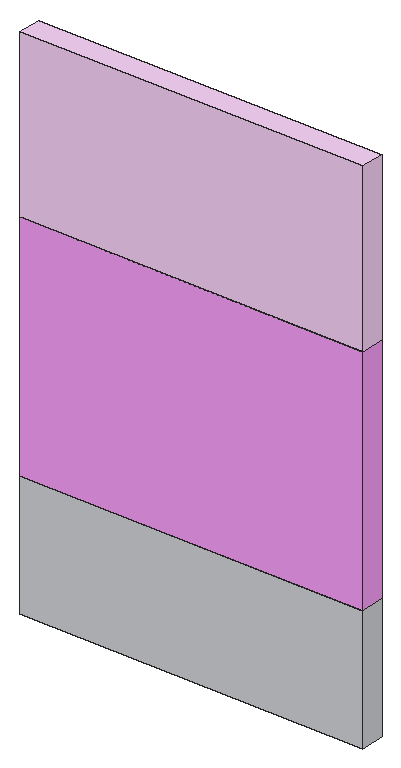
Revit family "EXP_WT-1C_CPan-018", category Curtain Panels, Revit 2021
Family settings
  OmniClass Number = 23.25.20.14.11.11.17
  OmniClass Title = Infill Panels
  Always vertical = Yes
  Cut with Voids When Loaded = No
  Shared = No
Parameters
  UI-UnitNumber [instance] = "01"
  UI-Quadrant [instance] = "SE"
  UI-ProjectAbbreviation = "NEU"
  UI-ItemCategory = "PID"
  UI-FloorNumber [instance] = "03"
  PNT-WallType = "WT1A"
  PNT-ProjectAbbreviation = "NEU"
  PNT-PanelType [instance] = "01"
  PNT-ItemCategory = "PNL"
  GlassH3 [instance] = none
  GlassH2 [instance] = IG-3F(Glass)
  GlassH1 [instance] = IG-1F(Glass)
  Define Thermal Properties by = Schematic Type
  CellSp = 0' - 10 3/16"
  CellL [instance] = 12' - 6"
  CellH3 [instance] = CellH - (CellH1 + CellH2)  # 4' - 6"
  CellH2 = 8' - 5 1/2"
  CellH1 = 6' - 0 1/2"
  CellH [instance] = 19' - 0"
  Analytic Construction = "<None>"
Reference planes (in)
  plane 1 "Center (Front/Back)": y = 0
  plane 2: z = 0
  plane 3 "Center (Left/Right)": x = 0
  plane 4 "Left": x = -75
  plane 5 "Right": x = 75
  plane 6 "Top": z = 228
  plane 7: z = 155.5
  plane 8: y = -10.1875
  plane 9: z = 54
Forms (in)
  Extrusion 1, solid, material "IG-3F(Glass)" <- "GlassH2"
    sketch origin (0, 0, 0) x (0, 1, 0) y (0, 0, 1)
      loop
        line (-10.1875, 155.5) -> (-10.1875, 54) -> (0, 54) -> (0, 155.5) -> (-10.1875, 155.5)
    from -75 to 75
  Extrusion 2, solid, material "IG-1F(Glass)" <- "GlassH1"
    sketch origin (0, 0, 0) x (0, 1, 0) y (0, 0, 1)
      loop
        line (-10.1875, 228) -> (-10.1875, 155.5) -> (0, 155.5) -> (0, 228) -> (-10.1875, 228)
    from -75 to 75
  Extrusion 3, solid, material <- "GlassH3"
    sketch origin (0, 0, 0) x (1, 0, 0) y (0, 1, 0)
      loop
        line (-75, -10.1875) -> (75, -10.1875) -> (75, 0) -> (-75, 0) -> (-75, -10.1875)
    from 0 to 54
Text (in)
  text "Exterior" at (-92.59733, 55.75508, 0), in view "Ref. Level"
  text "Exterior" at (0, 90.18664, 173.49264), in view "Left"
  text "Exterior" at (0, 52.29083, 162.21847), in view "Right"
Dimensions and locks (in)
  equal spacing: plane 4 "Left", plane 3 "Center (Left/Right)", plane 5 "Right"  (x2)
  "CellH1": plane 7 to plane 6 "Top"
  Extrusion 2 sketch curve to Extrusion 2 sketch curve = 0' - 10 3/16"
  "CellL": plane 4 "Left" to plane 5 "Right"
  "CellH": plane 2 to plane 6 "Top"
  "CellSp": plane 8 to plane 1 "Center (Front/Back)"
  "CellH2": plane 9 to plane 7
  "CellH3": plane 2 to plane 9
  aligned and locked: level to plane 2
  aligned and locked: Extrusion 1 sketch curve to plane 7
  aligned and locked: plane 8 to Extrusion 1 sketch curve
  aligned and locked: plane 1 "Center (Front/Back)" to Extrusion 1 sketch curve
  aligned and locked: plane 6 "Top" to Extrusion 2 sketch curve
  aligned and locked: plane 8 to Extrusion 2 sketch curve
  aligned and locked: Extrusion 2 to plane 5 "Right"
  aligned and locked: plane 4 "Left" to Extrusion 2
  aligned and locked: Extrusion 2 to plane 1 "Center (Front/Back)"
  aligned and locked: nested 1 to plane 5 "Right"
  aligned and locked: nested 2 to Extrusion 2  (x2)
  aligned and locked: nested 2 to level
  aligned and locked: Extrusion 1 to plane 9
  aligned and locked: plane 4 "Left" to Extrusion 3 sketch curve
  aligned and locked: Extrusion 3 sketch curve to plane 1 "Center (Front/Back)"
  aligned and locked: Extrusion 3 sketch curve to plane 8
  aligned and locked: Extrusion 3 sketch curve to plane 5 "Right"
  aligned and locked: plane 9 to Extrusion 3
  aligned and locked: Extrusion 3 to level
  aligned and locked: Extrusion 1 to plane 5 "Right"
  aligned and locked: plane 4 "Left" to Extrusion 1
  aligned and locked: Extrusion 2 to plane 7
  aligned and locked: nested 1 to plane 4 "Left"
  aligned and locked: plane 1 "Center (Front/Back)" to nested 3
  aligned and locked: plane 5 "Right" to nested 3
  aligned and locked: plane 4 "Left" to nested 3
  aligned and locked: level to Extrusion 3
  aligned and locked: Extrusion 2 to plane 6 "Top"
Automatic sketch dimensions
  Extrusion 2 sketch curve to plane 7 = 0' - 0"
  level to Extrusion 1 sketch curve = 4' - 6"
Nested families (in)
  nested 1: "EXP_WT-1A_DetO-001" at (-75, 0, 0), type "EXP_WT-1A_DetO-001"
    with built-in parameter 1001306 12.5 (stored number, unit not read)
  nested 2: "EXP_WT-1A_DetO-003" at (0, 0, 228) x (0, 0, -1) z (1, 0, 0), CellH1 <- "CellH1", CellH2 <- "CellH2", type "EXP_WT-1A_DetO-003"
    with built-in parameter 1001306 19 (stored number, unit not read), CellH2 8' - 5 1/2", CellH1 6' - 0 1/2"
  nested 3: "EXP_xx_DetO-002" at (0, 0, 0), CellH <- "CellH", CellL <- "CellL", type "EXP_xx_DetO-002", detail levels coarse
    with CellL 12' - 6", CellH 19' - 0"
Definition of nested family "EXP_WT-1A_DetO-001"
  Parameters (values of type "EXP_WT-1A_DetO-001")
    built-in parameter 1001306 [instance] = 5' - 2.99213"
  Reference planes (in)
    plane 1 "Center (Front/Back)": y = 0
    plane 2: z = 0
    plane 3 "Left": x = 0
    plane 4 "Right": x = 62.99213
  Lines and regions (in)
    reference lines, in view "Ref. Level"
      curve 1: line (0, 0, 0) -> (62.99213, 0, 0)
    detail lines, in view "Ref. Level"
      curve 2: line (0.25, 0, 0) -> (0.5458, 0, 0)
      curve 3: line (0.25, 0, 0) -> (0.5458, 0, 0)
      curve 4: line (62.99213, -0.81795, 0) -> (62.99213, -10.1875, 0)
      curve 5: line (62.99213, -10.1875, 0) -> (60.99213, -10.1875, 0)
      curve 6: line (60.99213, -10.1875, 0) -> (60.99213, -2.43678, 0)
      curve 7: line (60.99213, -2.43678, 0) -> (62.44632, -2.43678, 0)
      curve 8: line (62.44632, -2.43678, 0) -> (62.44632, 0, 0)
      curve 9: line (62.44632, 0, 0) -> (62.74213, 0, 0)
      curve 10: line (62.74213, 0, 0) -> (62.74213, -0.81795, 0)
      curve 11: line (62.99213, -0.81795, 0) -> (62.74213, -0.81795, 0)
      curve 12: line (0.25, 0, 0) -> (0.25, -0.81795, 0)
      curve 13: line (0.25, 0, 0) -> (0.5458, 0, 0)
      curve 14: line (0, -0.81795, 0) -> (0.25, -0.81795, 0)
      curve 15: line (0, -0.81795, 0) -> (0, -10.1875, 0)
      curve 16: line (2, -10.1875, 0) -> (0, -10.1875, 0)
      curve 17: line (2, -2.43676, 0) -> (2, -10.1875, 0)
      curve 18: line (0.5458, -2.43676, 0) -> (2, -2.43676, 0)
      curve 19: line (0.5458, -2.43676, 0) -> (0.5458, 0, 0)
      curve 20: line (0.94241, 0, 0) -> (62.04971, 0, 0)
      curve 21: line (0.94241, -1.31, 0) -> (0.94241, 0, 0)
      curve 22: line (0.94241, -1.31, 0) -> (62.04971, -1.31, 0)
      curve 23: line (62.04971, -1.31, 0) -> (62.04971, 0, 0)
  Dimensions and locks (in)
    "built-in parameter 1001306": plane 3 "Left" to plane 4 "Right"
    aligned and locked: plane 1 "Center (Front/Back)" to curve 1
    aligned and locked: plane 3 "Left" to curve 1
    aligned and locked: plane 4 "Right" to curve 1
    aligned and locked: curve 4 to plane 4 "Right"
    aligned and locked: curve 1 to curve 13
    aligned and locked: curve 15 to plane 3 "Left"
    aligned and locked: curve 1 to curve 20
    aligned and locked: curve 5 to curve 16
  Automatic sketch dimensions
    plane 1 "Center (Front/Back)" to curve 9 = 0' - 0"
    curve 2 to curve 2 = 0' - 0.2958"
    curve 7 to plane 4 "Right" = 0' - 2"
    curve 9 to plane 4 "Right" = 0' - 0.5458"
    curve 10 to curve 4 = 0' - 0 1/4"
    plane 1 "Center (Front/Back)" to curve 4 = 0' - 0.81795"
    curve 7 to curve 10 = 0' - 1.61883"
    curve 5 to curve 7 = 0' - 7.75072"
    plane 1 "Center (Front/Back)" to curve 15 = 0' - 0.81795"
    plane 3 "Left" to curve 16 = 0' - 2"
    curve 17 to curve 12 = 0' - 1.61881"
    plane 3 "Left" to curve 20 = 0' - 0.94241"
    curve 23 to curve 10 = 0' - 0.69242"
    curve 23 to curve 10 = 0' - 0.49205"
    plane 3 "Left" to curve 14 = 0' - 0 1/4"
Definition of nested family "EXP_WT-1A_DetO-003"
  Parameters (values of type "EXP_WT-1A_DetO-003")
    built-in parameter 1001306 [instance] = 12' - 11"
    CellH2 [instance] = 9' - 8"
    CellH1 [instance] = 3' - 3"
    CellH [instance] = 12' - 11"
  Reference planes (in)
    plane 1 "Center (Front/Back)": y = 0
    plane 2: z = 0
    plane 3 "Left": x = 0
    plane 4 "Right": x = 155
    plane 5: x = 39
  Lines and regions (in)
    reference lines, in view "Ref. Level"
      curve 1: line (0, 0, 0) -> (155, 0, 0)
    detail lines, in view "Ref. Level"
      curve 2: line (37.25001, -10.1875, 0) -> (37.25001, -2.41263, 0)
      curve 3: line (37.25001, -2.41263, 0) -> (40.74999, -2.41263, 0)
      curve 4: line (40.74999, -2.41263, 0) -> (40.74999, -10.1875, 0)
      curve 5: line (40.74999, -10.1875, 0) -> (37.25001, -10.1875, 0)
      curve 6: line (39.27639, -2.185, 0) -> (39.27639, 0, 0)
      curve 7: line (39.27639, 0, 0) -> (153.80789, 0, 0)
      curve 8: line (153.80789, -2.185, 0) -> (39.27639, -2.185, 0)
      curve 9: line (38.52639, -1.31, 0) -> (38.52639, 0, 0)
      curve 10: line (38.52639, 0, 0) -> (1.19241, 0, 0)
      curve 11: line (38.52639, -1.31, 0) -> (1.19241, -1.31, 0)
      curve 12: line (0, -10.1875, 0) -> (2.125, -10.1875, 0)
      curve 13: line (0, -0.81812, 0) -> (0, -10.1875, 0)
      curve 14: line (0.5, 0, 0) -> (0.5, -0.81812, 0)
      curve 15: line (0.5, 0, 0) -> (0.7958, 0, 0)
      curve 16: line (0, -0.81812, 0) -> (0.5, -0.81812, 0)
      curve 17: line (0.7958, -2.43676, 0) -> (0.7958, 0, 0)
      curve 18: line (2.125, -2.43676, 0) -> (0.7958, -2.43676, 0)
      curve 19: line (2.125, -10.1875, 0) -> (2.125, -2.43676, 0)
      curve 20: line (1.19241, -1.31, 0) -> (1.19241, 0, 0)
      curve 21: line (155, 60, 0) -> (155, -10.1875, 0)
      curve 22: line (155, -10.1875, 0) -> (151.625, -10.1875, 0)
      curve 23: line (151.625, -10.1875, 0) -> (151.625, -2.43679, 0)
      curve 24: line (151.625, -2.43679, 0) -> (154.2042, -2.43679, 0)
      curve 25: line (154.2042, -2.43679, 0) -> (154.2042, 0, 0)
      curve 26: line (154.5, 0, 0) -> (154.5, -0.81812, 0)
      curve 27: line (154.2042, 0, 0) -> (154.5, 0, 0)
      curve 28: line (155, -0.81812, 0) -> (154.5, -0.81812, 0)
      curve 29: line (155, -0.81812, 0) -> (155, -10.1875, 0)
      curve 30: line (153.80789, -2.185, 0) -> (153.80789, 0, 0)
  Dimensions and locks (in)
    "built-in parameter 1001306": plane 3 "Left" to plane 4 "Right"
    "CellH": plane 3 "Left" to plane 4 "Right"
    "CellH2": plane 5 to plane 4 "Right"
    "CellH1": plane 3 "Left" to plane 5
    aligned and locked: plane 1 "Center (Front/Back)" to curve 1
    aligned and locked: plane 3 "Left" to curve 1
    aligned and locked: plane 4 "Right" to curve 1
    aligned and locked: curve 1 to curve 7
    aligned and locked: curve 10 to plane 1 "Center (Front/Back)"
    aligned and locked: curve 13 to plane 3 "Left"
    aligned and locked: curve 1 to curve 15
    aligned and locked: curve 21 to plane 4 "Right"
    aligned and locked: curve 29 to plane 4 "Right"
    aligned and locked: curve 5 to curve 12
    aligned and locked: curve 22 to curve 5
  Automatic sketch dimensions
    plane 5 to curve 3 = 0' - 1 3/4"
    plane 1 "Center (Front/Back)" to curve 3 = 0' - 2.41263"
    curve 5 to plane 5 = 0' - 1 3/4"
    plane 5 to curve 6 = 0' - 0.27639"
    curve 6 to curve 6 = 0' - 2.185"
    curve 9 to plane 5 = 0' - 0.47361"
    plane 1 "Center (Front/Back)" to curve 13 = 0' - 0.81812"
    plane 3 "Left" to curve 14 = 0' - 0 1/2"
    curve 14 to curve 17 = 0' - 0.2958"
    curve 17 to curve 18 = 0' - 1.3292"
    curve 18 to curve 14 = 0' - 1.61864"
    curve 14 to curve 20 = 0' - 0.69242"
    curve 20 to curve 14 = 0' - 0.49188"
    curve 21 to plane 1 "Center (Front/Back)" = 5' - 0"
    curve 24 to curve 24 = 0' - 2.5792"
    plane 1 "Center (Front/Back)" to curve 27 = 0' - 0"
    curve 25 to curve 26 = 0' - 0.2958"
    curve 28 to curve 28 = 0' - 0 1/2"
    curve 30 to curve 24 = 0' - 0.39631"
    curve 24 to curve 30 = 0' - 0.25179"
    plane 1 "Center (Front/Back)" to curve 26 = 0' - 0.81812"
    curve 22 to curve 24 = 0' - 7.75071"
Definition of nested family "EXP_xx_DetO-002"
  Parameters (values of type "EXP_xx_DetO-002")
    Default Elevation = 0' - 0"
    CellL [instance] = 5' - 4.56693"
    CellH [instance] = 5' - 2.99213"
  Reference planes (in)
    plane 1 "Center (Front/Back)": y = 0
    plane 2: z = 0
    plane 3 "Center (Left/Right)": x = 0
    plane 4: x = -32.28346
    plane 5: x = 32.28346
    plane 6: z = 62.99213
  Lines and regions (in)
    model lines
      curve 1: line (-32.28346, 0, 62.99213) -> (32.28346, 0, 0)
      curve 2: line (32.28346, 0, 62.99213) -> (-32.28346, 0, 0)
  Dimensions and locks (in)
    "CellH": plane 6 to level
    equal spacing: plane 4, plane 3 "Center (Left/Right)", plane 5
    "CellL": plane 4 to plane 5
    aligned and locked: level to plane 2
  Automatic sketch dimensions
    curve 2 to level = 0' - 0"
    plane 4 to curve 2 = 0' - 0"
    plane 4 to curve 1 = 0' - 0"
    plane 5 to curve 2 = 0' - 0"
    curve 1 to level = 0' - 0"
    plane 5 to curve 1 = 0' - 0"
    curve 2 to plane 6 = 0' - 0"
    curve 1 to plane 6 = 0' - 0"
